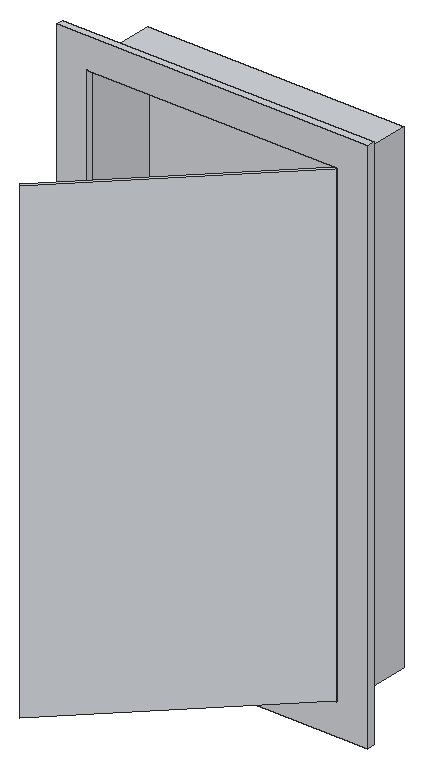
Revit family "Hager-Volta-IP30-Flush_mounted-empty-NoHosted-SE-en", category Electrical Equipment, Revit 2020
Family settings
  Panel Configuration = Two Columns, Circuits Across
  Round Connector Dimension = Use Diameter
  Part Type = Panelboard
  Work Plane-Based = Yes
  Always vertical = Yes
  Cut with Voids When Loaded = No
  Shared = No
  Room Calculation Point = No
Parameters (values of type "Recessed mounted IP30 W348 H630.5 D98 12 Modular spacings - VU36NMB")
  Width Control [instance] = if([HG000006 - Flush mounted], if([EF000846 - Built-in width] > min_whd, [EF000846 - Built-in width], min_whd), if([EF000008 - Width] > min_whd, ([EF000008 - Width]), min_whd))  # 314 mm
  Void Depth [instance] = if([EF000218 - Built-in depth] > 1 mm, [EF000218 - Built-in depth], 1 mm)  # 89 mm
  Type Comments = [HG000003 - Range]  # "Volta"
  System Height [instance] = Height Control - 2 * [HG000005 - Thickness]  # 589 mm
  Panel Name [instance] = ""  # (empty or 0)
  Offset [instance] = 0 mm
  Model = [HG000004 - Manufacturer reference]  # "VU36NMB"
  Level Offset [instance] = [Flush Mounted - Door Frame Width] + Offset  # 35 mm
  HG000017 - Distance between poles = 18 mm
  HG000016 - Door 3d visibility [instance] = yes
  HG000015 - Clearance visibility [instance] = no
  HG000014 - Door on the right [instance] = yes
  HG000013 - Door on the left [instance] = not([HG000014 - Door on the right])  # no
  HG000012 - Door swing angle [instance] = 45.00°
  HG000011 - Empty rows from bottom = no
  HG000010 - Asymmetric doors = no
  HG000009 - Double swing door = no
  HG000008 - Number of empty rows = 0
  HG000007 - Number of empty columns = 0
  HG000006 - Flush mounted = yes
  HG000005 - Thickness = 3 mm  # constant formula
  HG000004 - Manufacturer reference = "VU36NMB"
  HG000003 - Range = "Volta"
  HG000002 - With door or cover = yes
  HG000001 - Number of columns = 0
  EF015941 - Signal passing door = no
  EF015777 - Neutral terminal block = no
  EF015776 - Earthing terminal block = yes
  EF009212 - Cover model = "EV009916 - With notch"
  EF006306 - With lock = no
  EF006244 - Transparent cover/door = no
  EF005474 - Degree of protection (IP) = "EV006410 - IP30"
  EF004462 - Type of closure = "EV000154 - Other"
  EF002950 - Width in number of modular spacings = 12
  EF001596 - Material housing = "EV000154 - Other"
  EF001134 - DIN-rail = yes
  EF001131 - Internal depth = 92 mm
  EF001088 - Extension possible = yes
  EF001062 - EMC-version = no
  EF000846 - Built-in width = 314 mm
  EF000339 - Type of cover = "EV004216 - Door"
  EF000332 - Built-in height = 595 mm
  EF000266 - Number of rows = 0
  EF000218 - Built-in depth = 89 mm
  EF000118 - With mounting plate = yes
  EF000116 - RAL-number = "9010"
  EF000049 - Depth = 98 mm
  EF000040 - Height = 630 mm
  EF000008 - Width = 348 mm
  EF000007 - Colour = "EV000202 - White"
  EF000003 - Mounting method = "EV000383 - Flush mounted (plaster)"
  Description = ""
  Default Elevation = 1219.2 mm
  Arrow Offset [instance] = Depth Control / 8  # 11.125 mm
  Arrow Height [instance] = Depth Control - Arrow Offset  # 77.875 mm
  Host Offset [instance] = if([HG000006 - Flush mounted], 0 mm, [EF000049 - Depth])  # 0 mm
  min_whd [instance] = (2 * [HG000005 - Thickness]) + 1 mm  # 7 mm
  Manufacturer = "Hager"  # constant formula
  Height Control [instance] = if([HG000006 - Flush mounted], if([EF000332 - Built-in height] > min_whd, [EF000332 - Built-in height], min_whd), if([EF000040 - Height] > min_whd, ([EF000040 - Height]), min_whd))  # 595 mm
  Flush Mounted - Door Frame Width [instance] = if(([EF000040 - Height] - [EF000332 - Built-in height]) > 0 mm, if([HG000006 - Flush mounted], [EF000040 - Height] - [EF000332 - Built-in height], 0 mm), 0 mm)  # 35 mm
  Depth Control [instance] = if([HG000006 - Flush mounted], if([EF000218 - Built-in depth] > 0 mm, [EF000218 - Built-in depth], 1 mm), if([EF000049 - Depth] > 0 mm, ([EF000049 - Depth]), 1 mm))  # 89 mm
Reference planes
  plane 1 "Center (Front/Back)": y = 0
  plane 2: z = 0
  plane 3 "Center (Left/Right)": x = 0
  plane 4: y = 38
  plane 5: y = 89
  plane 6: y = 35
  plane 7: z = 0
  plane 8: x = -157
  plane 9: x = 157
  plane 10: x = 154
  plane 11: x = -154
  plane 12: z = 35
  plane 13: z = 38
  plane 14: y = 5
  plane 15: y = 0
  plane 16: y = 86
  plane 17: z = 627
  plane 18: z = 630
  plane 19: z = 332.5
  plane 20: x = 0
  plane 21: y = -100
Forms (mm)
  Extrusion 1, solid
    sketch origin (-208.679, -4572, 35) x (-1, 0, 0) y (0, -1, 0)
      loop
        line (-51.679, -4572) -> (-365.679, -4572) -> (-365.679, -4661) -> (-51.679, -4661) -> (-51.679, -4572)
    from 0 to 595 <- "Height Control"
  Extrusion 2, void
    sketch origin (-350.771, 0, 1219.2) x (1, 0, 0) y (0, 0, 1)
      loop
        line (196.771, -592.2) -> (196.771, -1181.2) -> (504.771, -1181.2) -> (504.771, -592.2) -> (196.771, -592.2)
    from 0 to -86
  Extrusion 3, solid, detail levels coarse+medium
    sketch origin (-350.771, 0, 1219.2) x (-1, 0, 0) y (0, 0, 1)
      loop
        line (-196.771, -592.2) -> (-504.771, -592.2) -> (-504.771, -1181.2) -> (-196.771, -1181.2) -> (-196.771, -592.2)
    from 0 to 3 <- "HG000005 - Thickness"
Cuts and joins
  Extrusion 2 cuts Extrusion 1
Dimensions and locks
  "Flush Mounted - Door Frame Width": plane 1 "Center (Front/Back)" to plane 6
  "HG000005 - Thickness": plane 4 to plane 6
  "HG000005 - Thickness": plane 8 to plane 11
  "HG000005 - Thickness": plane 9 to plane 10
  equal spacing: plane 8, plane 3 "Center (Left/Right)", plane 9
  "Width Control": plane 8 to plane 9
  locked: plane 14 to plane 15 at 5
  "Host Offset": plane 1 "Center (Front/Back)" to plane 15
  "Depth Control": plane 5 to plane 15
  "HG000005 - Thickness": plane 5 to plane 16
  "HG000005 - Thickness": plane 13 to plane 12
  "Level Offset": plane 12 to level
  "HG000005 - Thickness": plane 18 to plane 17
  "Height Control": plane 18 to plane 12
  "Arrow Offset": plane 5 to nested 4
  equal spacing: plane 18, plane 19, plane 12
  locked: connector elem to plane 19
  locked: connector elem to plane 3 "Center (Left/Right)"
  aligned and locked: nested 1 to plane 14
  aligned and locked: plane 3 "Center (Left/Right)" to nested 1
  aligned and locked: plane 3 "Center (Left/Right)" to nested 2
  aligned and locked: nested 2 to plane 15
  aligned and locked: plane 5 to Extrusion 1
  aligned and locked: Extrusion 3 sketch curve to plane 17
  aligned and locked: Extrusion 3 sketch curve to plane 11
  aligned and locked: plane 13 to Extrusion 3 sketch curve
  aligned and locked: Extrusion 3 sketch curve to plane 10
  aligned and locked: plane 13 to Extrusion 2 sketch curve
  aligned and locked: Extrusion 2 sketch curve to plane 10
  aligned and locked: Extrusion 2 sketch curve to plane 17
  aligned and locked: Extrusion 2 sketch curve to plane 11
  aligned and locked: plane 16 to Extrusion 2
  aligned and locked: plane 5 to Extrusion 1 sketch curve
  aligned and locked: plane 9 to Extrusion 1 sketch curve
  aligned and locked: plane 8 to Extrusion 1 sketch curve
  aligned and locked: plane 8 to nested 4
  aligned and locked: plane 8 to nested 3
  aligned and locked: nested 3 to plane 5
  aligned and locked: Extrusion 1 sketch curve to plane 15
  aligned and locked: Extrusion 2 to plane 15
Nested families
  nested 1: "Hager_Enclosure_System" at (0, 5, 38), Flush_Mounted <- "HG000006 - Flush mounted", Width <- "EF000008 - Width", Height <- "System Height", Width_Control <- "Width Control", Row_Module_Multiplicator <- "EF002950 - Width in number of modular spacings", Empty_Columns <- "HG000007 - Number of empty columns", Built-in_Width <- "EF000846 - Built-in width", Border <- "HG000005 - Thickness", Total_No_Empty_Rows <- "HG000008 - Number of empty rows", Depth <- "HG000005 - Thickness", Empty_Rows_From_Bottom <- "HG000011 - Empty rows from bottom", Distance_Between_Poles <- "HG000017 - Distance between poles", Rows_Count <- "EF000266 - Number of rows", Columns_Count <- "HG000001 - Number of columns", type "Hager_Enclosure_System", detail levels medium+fine
    with Width_Control 314 mm, Width 348 mm, Total_No_Rows 0, Total_No_Empty_Rows 0, Total_No_Columns 1, System_Width 308 mm, Rows_Count 0, Rows_Column 0, Row_Module_Multiplicator 12, Panel_4 no, Panel_3 no, Panel_2 no, Panel_1 no, No_Panels_Ctrl 1, Hide_Columns yes, Height 589 mm, Flush_Mounted yes, Empty_Rows_From_Bottom no, Empty_Rows_Column 0, Empty_Columns 0, Distance_Between_Poles 18 mm, Depth 3 mm, Columns_Count 0, Column_Width 308 mm, Built-in_Width 314 mm, Border 3 mm
  nested 2: "Hager_Enclosure_Door" at (0, 0, 35), Double <- "HG000009 - Double swing door", Height_Ctrl <- "Height Control", Transparent <- "EF006244 - Transparent cover/door", Depth <- "EF000049 - Depth", Height <- "EF000040 - Height", Angle <- "HG000012 - Door swing angle", Door_Right <- "HG000014 - Door on the right", Assymetrical <- "HG000010 - Asymmetric doors", Flush_Mounted <- "HG000006 - Flush mounted", BuiltIn_Depth <- "EF000218 - Built-in depth", BuiltIn_Width <- "EF000846 - Built-in width", Door <- "HG000002 - With door or cover", Width_Ctrl <- "Width Control", 3d_Door <- "HG000016 - Door 3d visibility", Width <- "EF000008 - Width", Border <- "HG000005 - Thickness", BuiltIn_Height <- "EF000332 - Built-in height", Clearance <- "HG000015 - Clearance visibility", Door_Left <- "HG000013 - Door on the left", type "Hager_Enclosure_Door", detail levels medium+fine
    with min_wh 7 mm, Width_Ctrl 314 mm, Width 348 mm, Transparent_Door_No_Bottom_Border no, Transparent no, Leaf_Width 305 mm, Leaf_Tolerance 1.5 mm, Leaf_Height 586 mm, Leaf_2_Width 305 mm, Leaf_2_Offset 152.5 mm, Leaf_1_Width 305 mm, Leaf_1_Offset 152.5 mm, Height_Ctrl 595 mm, Height 630 mm, Frame_Width_Ctrl 34 mm, Frame_Width 34 mm, Frame_Internal_Offset 3 mm, Frame_Height_Ctrl 35 mm, Frame_Height 35 mm, Frame_Depth_Ctrl 9 mm, Frame_Depth 9 mm, Flush_Mounted yes, Double_Clearance_Ctrl no, Double no, Door_Right_Ctrl yes, Door_Right yes, Door_Left_Ctrl no, Door_Left no, Door yes, Depth 98 mm, Clearance_Depth 305 mm, Clearance_Ctrl no, Clearance no, BuiltIn_Width 314 mm, BuiltIn_Height 595 mm, BuiltIn_Depth 89 mm, Border 3 mm, Assymetrical no, Angle 45.00°, 3d_Door yes
  nested 3: "Hager_Enclosure_Symbol_Triangle" at (-157, 89, 0), Depth <- "Depth Control", Width <- "Width Control", type "Hager_Enclosure_Symbol_Triangle"
    with Width_Ctrl 314 mm, Width 314 mm, Depth_Ctrl 89 mm, Depth 89 mm
  nested 4: "Hager_Enclosure_Symbol_Arrow" at (-157, 77.875, 0), Height <- "Arrow Height", type "Hager_Enclosure_Symbol_Arrow"
    with Width_Inside 5.841 mm, Width 70.087 mm, Height_Ctrl 77.875 mm, Height 77.875 mm
Connectors
  electrical at (0, 89, 332.5)
    settings: on plane 5, index 1, voltage 0 V, apparent load 0 VA, apparent load phase1 0 VA, apparent load phase2 0 VA, apparent load phase3 0 VA, power factor 1, load classification "Other", number of poles 1, system type 30, power factor state 1, is connector primary yes, connector utility no, sub classification motor no, connector description ""
Definition of nested family "Hager_Enclosure_Door"
  Parameters (values of type "Hager_Enclosure_Door")
    min_wh [instance] = (2 * Border) + 1 mm  # 11 mm
    Width_Ctrl [instance] = 400 mm
    Width [instance] = 500 mm
    Transparent_Door_No_Bottom_Border [instance] = no
    Transparent [instance] = yes
    Leaf_Width [instance] = if((Width_Ctrl - 2 * Border - 2 * Leaf_Tolerance) > 0 mm, (Width_Ctrl - 2 * Border - 2 * Leaf_Tolerance), min_wh)  # 387 mm
    Leaf_Tolerance [instance] = 1.5 mm  # constant formula
    Leaf_Height [instance] = if((Height_Ctrl - 2 * Border - 2 * Leaf_Tolerance) > 0 mm, (Height_Ctrl - 2 * Border - 2 * Leaf_Tolerance), min_wh)  # 387 mm
    Leaf_2_Width [instance] = if(and(and(Double, Assymetrical), Door_Left), (Leaf_Width / 3) - (Leaf_Tolerance / 2), if(and(and(Double, Assymetrical), Door_Right), (Leaf_Width / 3) * 2 - (Leaf_Tolerance / 2), if(and(Double, not(Assymetrical)), (Leaf_Width / 2) - Leaf_Tolerance, Leaf_Width)))  # 387 mm
    Leaf_2_Offset [instance] = if(and(Double, Assymetrical), Leaf_2_Width / 2, if(and(Double, not(Assymetrical)), Leaf_Width / 4, Leaf_Width / 2))  # 193.5 mm
    Leaf_1_Width [instance] = if(and(and(Double, Assymetrical), Door_Right), (Leaf_Width / 3) - (Leaf_Tolerance / 2), if(and(and(Double, Assymetrical), Door_Left), (Width / 3) * 2 - (Leaf_Tolerance / 2), if(and(Double, not(Assymetrical)), (Leaf_Width / 2) - Leaf_Tolerance, Leaf_Width)))  # 387 mm
    Leaf_1_Offset [instance] = if(and(Double, Assymetrical), Leaf_1_Width / 2, if(and(Double, not(Assymetrical)), Leaf_Width / 4, Leaf_Width / 2))  # 193.5 mm
    Height_Ctrl [instance] = 400 mm
    Height [instance] = 500 mm
    Frame_Width_Ctrl [instance] = if(Frame_Width > 0 mm, Frame_Width, 1 mm)  # 1 mm
    Frame_Width [instance] = Width - BuiltIn_Width  # 0 mm
    Frame_Internal_Offset [instance] = if(Flush_Mounted, Border, 0 mm)  # 5 mm
    Frame_Height_Ctrl [instance] = if(Frame_Height > 0 mm, Frame_Height, 1 mm)  # 1 mm
    Frame_Height [instance] = Height - BuiltIn_Height  # 0 mm
    Frame_Depth_Ctrl [instance] = if(Frame_Depth > 0 mm, Frame_Depth, 1 mm)  # 1 mm
    Frame_Depth [instance] = if(Depth - BuiltIn_Depth > 0 mm, if(Flush_Mounted, Depth - BuiltIn_Depth, 0 mm), 0 mm)  # 0 mm
    Flush_Mounted [instance] = yes
    Double_Clearance_Ctrl [instance] = and(Double, Clearance)  # no
    Double [instance] = no
    Door_Right_Ctrl [instance] = and(or(Door_Right, Double), Door)  # yes
    Door_Right [instance] = yes
    Door_Left_Ctrl [instance] = and(or(Door_Left, Double), Door)  # no
    Door_Left [instance] = no
    Door [instance] = yes
    Depth [instance] = 500 mm
    Default Elevation = 1219.2 mm
    Clearance_Material = none
    Clearance_Depth [instance] = if(Leaf_1_Width > Leaf_2_Width, Leaf_1_Width, Leaf_2_Width)  # 387 mm
    Clearance_Ctrl [instance] = and(not(Double), Clearance)  # yes
    Clearance [instance] = yes
    BuiltIn_Width [instance] = 500 mm
    BuiltIn_Height [instance] = 500 mm
    BuiltIn_Depth [instance] = 500 mm
    Border [instance] = 5 mm
    Assymetrical [instance] = yes
    Angle [instance] = 30.00°
    3d_Door [instance] = yes
  Reference planes
    plane 1 "Center (Front/Back)": y = 0
    plane 2 "Bottom": z = 0
    plane 3 "Center (Left/Right)": x = 0
    plane 4: z = 400
    plane 5: x = -200
    plane 6: x = 200
    plane 7: z = 395
    plane 8: x = -195
    plane 9: z = 5
    plane 10: x = 195
    plane 11: y = 0
    plane 12: z = 6.5
    plane 13: x = -582
    plane 14: y = -387
    plane 15: x = 582
    plane 16: x = 0
    plane 17: x = 0
    plane 18: x = -193.5
    plane 19: x = 193.5
    plane 20: z = 393.5
  Forms (mm)
    Extrusion 1, solid, visible <- "Flush_Mounted"
      sketch origin (0, 0, 0) x (1, 0, 0) y (0, 0, 1)
        loop
          line (195, 5) -> (195, 395) -> (-195, 395) -> (-195, 5) -> (195, 5)
        loop
          line (-201, 401) -> (-201, -1) -> (201, -1) -> (201, 401) -> (-201, 401)
      from 0 to 1 <- "Frame_Depth_Ctrl"
    Extrusion 2, solid, material <- "Clearance_Material", visible <- "Double_Clearance_Ctrl"
      sketch origin (1200, 0, 0) x (1, 0, 0) y (0, 0, -1)
        loop
          line (-1782, -393.5) -> (-618, -393.5) -> (-618, 0) -> (-1782, 0) -> (-1782, -393.5)
      from 0 to -387
  Dimensions and locks
    equal spacing: plane 5, plane 3 "Center (Left/Right)", plane 6
    "Width_Ctrl": plane 5 to plane 6
    "Border": plane 5 to plane 8
    "Border": plane 6 to plane 10
    "Border": plane 9 to level
    "Border": plane 4 to plane 7
    "Height_Ctrl": plane 4 to level
    "Leaf_Tolerance": plane 12 to plane 9
    "Frame_Depth": plane 11 to plane 1 "Center (Front/Back)"
    "Frame_Width_Ctrl": plane 5 to Extrusion 1 sketch curve
    "Frame_Width_Ctrl": plane 6 to Extrusion 1 sketch curve
    "Frame_Width_Ctrl": Extrusion 1 sketch curve to plane 4
    "Frame_Width_Ctrl": plane 2 "Bottom" to Extrusion 1 sketch curve
    "Leaf_1_Offset": plane 18 to plane 16
    "Leaf_2_Offset": plane 17 to plane 19
    "Leaf_1_Width": plane 13 to plane 8
    "Leaf_2_Width": plane 10 to plane 15
    "Clearance_Depth": plane 14 to plane 1 "Center (Front/Back)"
    "Leaf_Tolerance": plane 8 to plane 18
    "Leaf_Tolerance": plane 19 to plane 10
    "Leaf_Tolerance": plane 7 to plane 20
    "Frame_Internal_Offset": plane 5 to Extrusion 1 sketch curve
    "Frame_Internal_Offset": Extrusion 1 sketch curve to plane 2 "Bottom"
    "Frame_Internal_Offset": plane 6 to Extrusion 1 sketch curve
    "Frame_Internal_Offset": plane 4 to Extrusion 1 sketch curve
    aligned and locked: level to plane 2 "Bottom"
    aligned and locked: nested 1 to plane 16
    aligned and locked: nested 2 to plane 17
    aligned and locked: Extrusion 2 to plane 13
    aligned and locked: plane 15 to Extrusion 2
    aligned and locked: Extrusion 2 to plane 14
    aligned and locked: plane 12 to nested 1
    aligned and locked: nested 2 to plane 12
    aligned and locked: Extrusion 2 to plane 11
    aligned and locked: plane 20 to Extrusion 2
    aligned and locked: nested 2 to plane 11
    aligned and locked: nested 1 to plane 11
  Automatic sketch dimensions
    Extrusion 2 sketch curve to level = 0 mm
    plane 5 to Extrusion 2 sketch curve = 382 mm
    plane 6 to Extrusion 2 sketch curve = 382 mm
    Extrusion 2 sketch curve to plane 4 = 6.5 mm
  Nested families
    nested 1: "Hager_Enclosure_Door_Leaf" at (0, 0, 6.5), Width <- "Leaf_1_Width", visible <- "Door_Left_Ctrl", Leaf_Height <- "Leaf_Height", Angle <- "Angle", Depth <- "Border", 3d_Door <- "3d_Door", Transparent <- "Transparent", Clearance Material <- "Clearance_Material", Clearance <- "Clearance_Ctrl", Transparent_Door_No_Bottom_Border <- "Transparent_Door_No_Bottom_Border", type "Hager_Enclosure_Door_Leaf"
      with Width 387 mm, Transparent_Door_No_Bottom_Border no, Transparent_Door_Border_Bottom_Top 25 mm, Transparent_Door_Border 25 mm, Transparent_Ctrl yes, Transparent yes, Standard no, Leaf_Height 387 mm, Glass_Offset 1 mm, Depth 5 mm, Clearance Material none, Clearance yes, Angle_Ctrl 30.00°, Angle 30.00°, 3d_Door yes
    nested 2: "Hager_Enclosure_Door_Leaf" at (0, 0, 6.5) x (-1, 0, 0) z (0, 0, 1), Width <- "Leaf_2_Width", visible <- "Door_Right_Ctrl", Leaf_Height <- "Leaf_Height", Angle <- "Angle", Depth <- "Border", 3d_Door <- "3d_Door", Transparent <- "Transparent", Clearance Material <- "Clearance_Material", Clearance <- "Clearance_Ctrl", Transparent_Door_No_Bottom_Border <- "Transparent_Door_No_Bottom_Border", type "Hager_Enclosure_Door_Leaf"
      with Width 387 mm, Transparent_Door_No_Bottom_Border no, Transparent_Door_Border_Bottom_Top 25 mm, Transparent_Door_Border 25 mm, Transparent_Ctrl yes, Transparent yes, Standard no, Leaf_Height 387 mm, Glass_Offset 1 mm, Depth 5 mm, Clearance Material none, Clearance yes, Angle_Ctrl 30.00°, Angle 30.00°, 3d_Door yes
  Definition of nested family "Hager_Enclosure_Door_Leaf"
    Parameters (values of type "Hager_Enclosure_Door_Leaf")
      Width [instance] = 2000 mm
      Transparent_Door_No_Bottom_Border [instance] = yes
      Transparent_Door_Border_Bottom_Top [instance] = if(Transparent_Door_No_Bottom_Border, 0.1 mm, Transparent_Door_Border)  # 0.1 mm
      Transparent_Door_Border [instance] = if(Transparent_Door_No_Bottom_Border, (Width * 0.12), 25 mm)  # 240 mm
      Transparent_Ctrl [instance] = and(Transparent, [3d_Door])  # yes
      Transparent [instance] = yes
      Standard [instance] = and(not(Transparent), [3d_Door])  # no
      Leaf_Height [instance] = 2720.336 mm
      Glass_Offset [instance] = if((Depth - 10 mm) / 2 > 0 mm, (Depth - 10 mm) / 2, 1 mm)  # 15 mm
      Glass_Material = none
      Depth [instance] = 40 mm
      Default Elevation = 0 mm
      Clearance Material [instance] = none
      Clearance [instance] = yes
      Angle_Ctrl [instance] = if(Angle > 170.00°, 170.00°, Angle)  # 45.00°
      Angle [instance] = 45.00°
      3d_Door [instance] = yes
    Reference planes
      plane 1 "Center (Front/Back)": y = 0
      plane 2: z = 0
      plane 3 "Center (Left/Right)": x = 0
      plane 4: y = 2000
      plane 5: x = -1000
      plane 6: x = 1000
      plane 7: x = -3000
      plane 8: z = 2720.336
      plane 9: z = 0.1
      plane 10: z = 2720.236
      plane 11: x = 760
      plane 12: x = -760
    Forms (mm)
      Extrusion 1, solid, material <- "Clearance Material", visible <- "Clearance"
        sketch origin (0, 0, 0) x (1, 0, 0) y (0, 0, 1)
          loop
            line (-3000, 2720.336) -> (-3000, 0) -> (1000, 0) -> (1000, 2720.336) -> (-3000, 2720.336)
        from 0 to -2000
      Extrusion 2, solid, visible <- "Standard", detail levels medium+fine
        sketch origin (-1000, 0, 0) x (0.707107, 0.707107, 0) y (-0.707107, 0.707107, 0)
          loop
            line (0, -40) -> (2000, -40) -> (2000, 0) -> (0, 0) -> (0, -40)
        from 0 to 2720.336 <- "Leaf_Height"
      Extrusion 3, solid, visible <- "Transparent_Ctrl", detail levels medium+fine
        sketch origin (-1000, 0, 0) x (0.707107, 0.707107, 0) y (-0.707107, 0.707107, 0)
          loop
            line (0, -40) -> (2000, -40) -> (2000, 0) -> (0, 0) -> (0, -40)
        from 0 to 2720.336 <- "Leaf_Height"
      Extrusion 4, void, detail levels medium+fine
        sketch origin (-1000, 0, 0) x (-0.707107, 0.707107, 0) y (0.707107, 0.707107, 0)
          loop
            line (0, 240) -> (0, 1760) -> (-40, 1760) -> (-40, 240) -> (0, 240)
        from -2720.236 to -0.1
      Extrusion 5, solid, material <- "Glass_Material", visible <- "Transparent_Ctrl", detail levels medium+fine
        sketch origin (-1000, 0, 0) x (0.707107, 0.707107, 0) y (-0.707107, 0.707107, 0)
          loop
            line (240, -15) -> (240, -25) -> (1760, -25) -> (1760, -15) -> (240, -15)
        from 0.1 to 2720.236
    Cuts and joins
      Extrusion 4 cuts Extrusion 3
    Lines and regions (mm)
      symbolic lines
        curve 1: line (1000, 0, 0) -> (-3000, 0, 0)
        curve 2: arc (1000, 0, 0) -> (-1000, 2000, 0) -> (-3000, 0, 0) r 2000
        curve 4: line (-1000, 0, 0) -> (414.214, 1414.214, 0)
      reference lines
        curve 3: line (-1000, 0, 0) -> (414.214, 1414.214, 0)
      symbolic lines, detail levels medium+fine
        curve 5: line (414.214, 1414.214, 0) -> (442.498, 1385.929, 0)
        curve 6: line (442.498, 1385.929, 0) -> (-971.716, -28.284, 0)
        curve 7: line (-971.716, -28.284, 0) -> (-1000, 0, 0)
        curve 8: line (-1000, 0, 2720.336) -> (1000, 0, 2720.336)
        curve 9: line (-1000, 0, 0) -> (-1000, 0, 2720.336)
        curve 10: line (1000, 0, 0) -> (-1000, 0, 0)
        curve 11: line (1000, 0, 2720.336) -> (1000, 0, 0)
      symbolic lines, visible <- "Transparent_Ctrl", detail levels medium+fine
        curve 12: line (-760, 0, 2720.236) -> (760, 0, 2720.236)
        curve 13: line (-760, 0, 0.1) -> (-760, 0, 2720.236)
        curve 14: line (760, 0, 0.1) -> (-760, 0, 0.1)
        curve 15: line (760, 0, 2720.236) -> (760, 0, 0.1)
    Dimensions and locks
      "Width": plane 1 "Center (Front/Back)" to plane 4
      equal spacing: plane 5, plane 3 "Center (Left/Right)", plane 6
      "Width": plane 5 to plane 6
      "Width": plane 7 to plane 5
      "Leaf_Height": plane 8 to level
      "Depth": curve 6 to curve 3
      "Width": curve 5 to curve 3
      "Width": curve 3 to curve 3
      "Transparent_Door_Border": Extrusion 4 sketch curve to curve 7
      "Transparent_Door_Border": Extrusion 4 sketch curve to curve 5
      "Transparent_Door_Border_Bottom_Top": plane 8 to plane 10
      "Transparent_Door_Border_Bottom_Top": plane 9 to level
      "Glass_Offset": Extrusion 5 sketch curve to curve 4
      "Glass_Offset": Extrusion 5 sketch curve to curve 6
      "Transparent_Door_Border": Extrusion 5 sketch curve to curve 5
      "Transparent_Door_Border": Extrusion 5 sketch curve to curve 7
      "Transparent_Door_Border": plane 12 to plane 5
      "Transparent_Door_Border": plane 6 to plane 11
      "Angle_Ctrl": angle plane 1 "Center (Front/Back)" to curve 3
      aligned and locked: level to plane 2
      aligned and locked: Extrusion 1 to curve 1
      aligned and locked: plane 6 to Extrusion 1
      aligned and locked: Extrusion 1 to plane 1 "Center (Front/Back)"
      aligned and locked: plane 4 to Extrusion 1
      aligned and locked: plane 8 to Extrusion 1
      aligned and locked: curve 4 to curve 3
      aligned and locked: Extrusion 2 sketch curve to curve 7
      aligned and locked: Extrusion 2 sketch curve to curve 6
      aligned and locked: Extrusion 2 sketch curve to curve 5
      aligned and locked: Extrusion 2 sketch curve to curve 3
      aligned and locked: curve 7 to Extrusion 3 sketch curve
      aligned and locked: Extrusion 3 sketch curve to curve 4
      aligned and locked: Extrusion 3 sketch curve to curve 6
      aligned and locked: Extrusion 3 sketch curve to curve 5
      aligned and locked: curve 4 to Extrusion 4 sketch curve
      aligned and locked: curve 6 to Extrusion 4 sketch curve
      aligned and locked: Extrusion 4 to plane 9
      aligned and locked: Extrusion 4 to plane 10
      aligned and locked: Extrusion 5 to plane 9
      aligned and locked: Extrusion 5 to plane 10
      aligned and locked: curve 8 to plane 8
      aligned and locked: plane 5 to curve 9
      aligned and locked: plane 2 to curve 10
      aligned and locked: curve 11 to plane 6
      aligned and locked: plane 10 to curve 12
      aligned and locked: plane 12 to curve 13
      aligned and locked: curve 14 to plane 9
      aligned and locked: plane 11 to curve 15
    Automatic sketch dimensions
      plane 1 "Center (Front/Back)" to curve 2 = 0 mm
      curve 2 to plane 5 = 0 mm
      Extrusion 1 sketch curve to level = 0 mm
      Extrusion 1 sketch curve to plane 7 = 0 mm
      Extrusion 1 sketch curve to plane 6 = 0 mm
      Extrusion 1 sketch curve to plane 8 = 0 mm
      plane 1 "Center (Front/Back)" to curve 3 = 0 mm
      curve 3 to plane 5 = 0 mm
      curve 7 to curve 3 = 0 mm
Definition of nested family "Hager_Enclosure_Symbol_Triangle"
  Parameters (values of type "Hager_Enclosure_Symbol_Triangle")
    Width_Ctrl [instance] = if(Width > 1 mm, Width, 1 mm)  # 498 mm
    Width [instance] = 498 mm
    Depth_Ctrl [instance] = if(Depth > 1 mm, Depth, 1 mm)  # 72 mm
    Depth [instance] = 72 mm
  Reference planes
    plane 1 "Centre (avant/arrière)": y = 0
    plane 2: z = 0
    plane 3 "Centre (gauche/droite)": x = 0
  Lines and regions (mm)
    Filled region 1, type "Solid_Black", in view "Niveau de réf."
      outline origin (0, 0, 0) x (1, 0, 0) y (0, 1, 0)
        loop
          line (0, 0) -> (498, 0) -> (498, 72) -> (0, 0)
    reference lines, in view "Niveau de réf."
      curve 1: line (-206.153, 72, 0) -> (1083.258, 72, 0)
      curve 2: line (498, 405.456, 0) -> (498, -517.619, 0)
  Dimensions and locks
    "Depth_Ctrl": plane 1 "Centre (avant/arrière)" to curve 1
    "Width_Ctrl": plane 3 "Centre (gauche/droite)" to curve 2
    aligned and locked: curve 1 to Filled region 1 sketch curve
    aligned and locked: Filled region 1 sketch curve to plane 1 "Centre (avant/arrière)"
    aligned and locked: curve 2 to Filled region 1 sketch curve
    aligned and locked: plane 3 "Centre (gauche/droite)" to Filled region 1 sketch curve
    aligned and locked: plane 1 "Centre (avant/arrière)" to Filled region 1 sketch curve
  Automatic sketch dimensions
    curve 1 to plane 3 "Centre (gauche/droite)" = 206.153 mm
    curve 2 to curve 1 = 585.258 mm
    plane 1 "Centre (avant/arrière)" to curve 2 = 517.619 mm
    curve 2 to plane 1 "Centre (avant/arrière)" = 405.456 mm
Definition of nested family "Hager_Enclosure_Symbol_Arrow"
  Parameters (values of type "Hager_Enclosure_Symbol_Arrow")
    Width_Inside [instance] = if(Width / 12 > 2 mm, Width / 12, 2 mm)  # 4.987 mm
    Width [instance] = if(Height_Ctrl * 0.9 > 2 mm, Height_Ctrl * 0.9, 2 mm)  # 59.85 mm
    Height_Ctrl [instance] = if(Height > 2 mm, Height, 2 mm)  # 66.5 mm
    Height [instance] = 66.5 mm
  Reference planes
    plane 1 "Centre (avant/arrière)": y = 0
    plane 2: z = 0
    plane 3 "Centre (gauche/droite)": x = 0
    plane 4: x = 59.85
    plane 5: y = 28.263
    plane 6: y = 38.238
    plane 7: y = 66.5
    plane 8: x = 29.925
    plane 9: y = 33.25
  Lines and regions (mm)
    Filled region 1, type "Solid_Black", in view "Niveau de réf."
      outline origin (0, 0, 0) x (1, 0, 0) y (0, 1, 0)
        loop
          line (59.85, 66.5) -> (37.929, 52.827) -> (51.846, 41.935) -> (59.85, 66.5)
    detail lines, in view "Niveau de réf."
      curve 1: line (0, 0, 0) -> (29.925, 38.238, 0)
      curve 2: line (29.925, 38.238, 0) -> (29.925, 28.263, 0)
      curve 3: line (29.925, 28.263, 0) -> (59.85, 66.5, 0)
  Dimensions and locks
    "Width": plane 3 "Centre (gauche/droite)" to plane 4
    "Height_Ctrl": plane 7 to plane 1 "Centre (avant/arrière)"
    equal spacing: plane 3 "Centre (gauche/droite)", plane 8, plane 4
    equal spacing: plane 7, plane 9, plane 1 "Centre (avant/arrière)"
    equal spacing: plane 6, plane 9, plane 5
    "Width_Inside": plane 6 to plane 9
    equal spacing: curve 3, Filled region 1 sketch curve, Filled region 1 sketch curve
    angle Filled region 1 sketch curve to curve 3 = 20.00°
    angle curve 3 to Filled region 1 sketch curve = 20.00°
    locked: curve 3 to Filled region 1 sketch curve (angle 90.00°)
  Automatic sketch dimensions
    plane 1 "Centre (avant/arrière)" to curve 1 = 0 mm
    curve 1 to plane 3 "Centre (gauche/droite)" = 0 mm
    curve 2 to plane 6 = 0 mm
    curve 3 to plane 8 = 0 mm
    curve 3 to plane 4 = 0 mm
    curve 2 to plane 5 = 0 mm
    curve 3 to plane 7 = 0 mm
    Filled region 1 sketch curve to plane 4 = 0 mm
    Filled region 1 sketch curve to plane 7 = 0 mm
